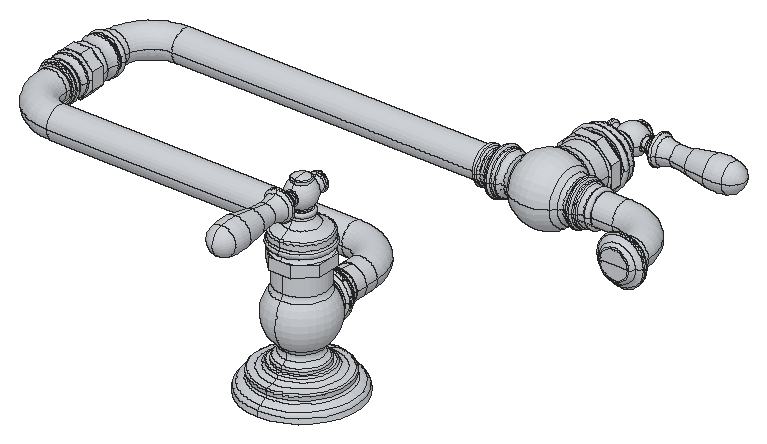
Revit family "Faucet-Wall_Mount-KOHLER-Artifacts-K-99270", category Plumbing Fixtures, host Face, Revit 2015
Parameters (values of type "CP- Polished Chrome")
  Width = 4 3/4"  # constant formula
  Waste Water Outlet = "Waste Water Outlet"  # constant formula
  Waste Connection = no
  Vent Connection = no
  URL = "https://www.us.kohler.com/us/"
  Type = 1
  Spout Reach = 22"  # constant formula
  Product Page URL = "http://www.us.kohler.com/us/catalog/productDetails.jsp?productNumber=99270"
  Product Name = "Artifacts"  # constant formula
  Product Documentation Link = "http://www.us.kohler.com/onlinecatalog/pdf/K-99270_spec.pdf"
  Pressure = 60.00 psi  # constant formula
  Model = if(Type = 1, "K-99270-CP", if(Type = 2, "K-99270-SN", if(Type = 3, "K-99270-VS", if(Type = 4, "K-99270-2BZ", "NA"))))  # "K-99270-CP"
  Material = "Brass Construction"  # constant formula
  MasterFormat 2004 = "22.41.39"  # constant formula
  MasterFormat 1995 = "15410"  # constant formula
  Manufacturer Address = "444 Highland Dr, Kohler, WI 53044"  # constant formula
  Manufacturer = "KOHLER Co."  # constant formula
  Length = 13 29/32"  # constant formula
  Hot Water Inlet = "Hot Water Inlet"  # constant formula
  Height = 12 13/32"  # constant formula
  HW Connection = no
  Flow Rate = 3.2 GPM  # constant formula
  Finish = Kohler-Metal-CP-Polished_Chrome
  Faucet Hole Spacing = 0"
  Environmental Product Declaration = ""
  Description = "Single-hole wall-mount pot filler kitchen sink faucet with 22 inch extended spout"  # constant formula
  Default Elevation = 36"
  Declare Label = ""
  Date Modified = "03/09/2018"  # constant formula
  Date Created = "03/09/2018"  # constant formula
  Copyright = "Copyright KOHLER Co."  # constant formula
  Contact Us = "https://www.us.kohler.com/us/static/contact.jsp"
  Cold Water Inlet = "Cold Water Inlet"  # constant formula
  CW Connection = yes
  Assembly Code = "D2020"
  ADA Compliant = no
Reference planes
  plane 1 "Center (Front/Back)": y = 0
  plane 2: z = 0
  plane 3 "Center (Left/Right)": x = 0
  plane 4: z = 120.65
  plane 5: x = -247.619
  plane 6: x = 105.6
  plane 7: y = -70.017
  plane 8: y = 245.102
Dimensions and locks
  "Width": level to plane 4
  "Length": plane 6 to plane 5
  "Height": plane 8 to plane 7
  aligned and locked: plane 2 to host face
  aligned and locked: level to host face
Automatic sketch dimensions
  host sketch curve to host sketch curve = 96"  (x2)
Nested families
  nested 1: "K-99270" at (0, 0, 0), type "K-99270"
Connectors
  piping at (0, -0.014, 0), diameter 12.7, driven by "Flow Rate", driven by "CW Connection", driven by "Cold Water Inlet", driven by "Pressure"
    settings: on nested 1, index 1, connector inside diameter 24", connector length 0", flow factor 0, pipe flow 3.2 GPM, pressure drop 60.00 psi, fitting loss kfactor 0, connector angle 0.00°, fixture units 0, engagement length 0", angle of deflection 0.00°, flow configuration 0, flow direction 1, fitting loss method 4, system type 20, joint type 0, gender type 0, connector reference index -1, connector utility 1, adjustable connector no, is connector primary yes, connector description "Cold Water Inlet"
Definition of nested family "K-99270"
  Parameters (values of type "K-99270")
    Material = none
  Reference planes
    plane 1 "Center (Front/Back)": y = 0
    plane 2: z = 0
    plane 3 "Center (Left/Right)": x = 0
  Forms (mm)
    Sweep 1, solid, material <- "Material"
      path origin (0.005, 0, 44.281) x (1, 0, 0) y (0, 1, 0)
        loop
          line (90.706, 140.848) -> (90.706, 144.975)
          arc (90.706, 144.975) -> (83.139, 162.857) -> (65.182, 170.242) r 25.526
          line (65.182, 170.242) -> (-209.582, 170.242)
          arc (-209.582, 170.242) -> (-226.516, 163.814) -> (-234.922, 147.77) r 25.524
          line (-234.922, 147.77) -> (-234.922, 97.725)
          arc (-234.922, 97.725) -> (-227.515, 79.698) -> (-209.516, 72.223) r 25.406
          line (-209.516, 72.223) -> (-25.365, 72.223)
          arc (-25.365, 72.223) -> (-7.462, 64.826) -> (0, 46.95) r 25.366
          line (0, 46.95) -> (0, 38.67)
      profile origin (90.71, 140.848, 44.281) x (-1, 0, 0) y (0, 0, 1)
        loop
          circle (0, 0) r 9.525
    Revolve 2, solid, material <- "Material"
      sketch origin (-0.001, 0, 44.053) x (1, 0, 0) y (0, 1, 0)
        loop
          line (-224.108, 141.667) -> (-226.352, 141.667) -> (-226.352, 100.773) -> (-224.121, 100.773)
          arc (-224.121, 100.773) -> (-223.763, 101.011) -> (-223.624, 101.418) r 0.667
          line (-223.624, 101.418) -> (-223.624, 102.956)
          arc (-223.624, 102.956) -> (-223.482, 103.398) -> (-223.11, 103.674) r 0.758
          arc (-223.11, 103.674) -> (-222.687, 104.159) -> (-222.794, 104.794) r 0.752
          arc (-222.794, 104.794) -> (-223.268, 105.587) -> (-223.624, 106.441) r 6.443
          arc (-223.624, 106.441) -> (-223.924, 109.144) -> (-223.081, 111.73) r 6.443
          arc (-223.081, 111.73) -> (-222.989, 112.172) -> (-223.181, 112.58) r 0.712
          arc (-223.181, 112.58) -> (-223.816, 113.033) -> (-224.574, 113.219) r 2.072
          line (-224.574, 113.219) -> (-225.389, 113.219) -> (-225.389, 114.028) -> (-224.493, 114.028)
          arc (-224.493, 114.028) -> (-223.348, 114.505) -> (-222.222, 115.024) r 34.225
          line (-222.222, 115.024) -> (-225.389, 115.024) -> (-225.389, 122.229) -> (-222.222, 122.229)
          arc (-222.222, 122.229) -> (-223.399, 122.717) -> (-224.607, 123.125) r 19.016
          arc (-224.607, 123.125) -> (-223.166, 125.196) -> (-223.289, 127.717) r 3.912
          arc (-223.289, 127.717) -> (-223.934, 131.739) -> (-222.817, 135.656) r 9.4
          arc (-222.817, 135.656) -> (-222.79, 136.307) -> (-223.289, 136.727) r 0.74
          arc (-223.289, 136.727) -> (-223.73, 136.909) -> (-223.912, 137.35) r 0.623
          line (-223.912, 137.35) -> (-223.912, 138.223)
          arc (-223.912, 138.223) -> (-223.748, 138.632) -> (-223.346, 138.814) r 0.591
          arc (-223.346, 138.814) -> (-222.632, 140.533) -> (-224.108, 141.667) r 1.528
        axis (-234.922, 141.667) -> (-234.922, 100.773)
      angle from 0 to 360
    Extrusion 3, solid, material <- "Material"
      sketch origin (0, 0, 0) x (1, 0, 0) y (0, 0, 1)
        loop
          line (-229.662, 56.693) -> (-240.183, 56.693) -> (-247.622, 49.253) -> (-247.622, 38.732) -> (-240.183, 31.293) -> (-229.662, 31.293) -> (-222.222, 38.732) -> (-222.222, 49.253) -> (-229.662, 56.693)
      from -122.229 to -115.024
    Revolve 4, solid, material <- "Material"
      sketch origin (0, 0, 44.053) x (1, 0, 0) y (0, 1, 0)
        loop
          line (-21.461, 161.669) -> (-21.461, 160.75)
          arc (-21.461, 160.75) -> (-20.799, 159.438) -> (-19.351, 159.191) r 1.63
          arc (-19.351, 159.191) -> (-18.874, 159.442) -> (-18.52, 159.848) r 1.465
          arc (-18.52, 159.848) -> (-18.006, 160.471) -> (-17.22, 160.65) r 1.25
          arc (-17.22, 160.65) -> (-15.954, 160.472) -> (-14.703, 160.209) r 18.786
          arc (-14.703, 160.209) -> (-12.692, 159.099) -> (-11.512, 157.129) r 4.412
          arc (-11.512, 157.129) -> (-11.14, 156.491) -> (-10.508, 156.111) r 1.485
          arc (-10.508, 156.111) -> (-10.016, 156.022) -> (-9.518, 156.042) r 2.269
          arc (-9.518, 156.042) -> (-8.926, 156.308) -> (-8.555, 156.84) r 1.214
          arc (-8.555, 156.84) -> (-8.268, 157.22) -> (-7.815, 157.364) r 0.784
          line (-7.815, 157.364) -> (-5.679, 157.364)
          arc (-5.679, 157.364) -> (-5.272, 157.47) -> (-4.968, 157.762) r 0.834
          arc (-4.968, 157.762) -> (-3.355, 159.17) -> (-1.215, 159.272) r 3.256
          arc (-1.215, 159.272) -> (1.129, 158.207) -> (3.091, 156.541) r 9.311
          arc (3.091, 156.541) -> (4.346, 155.252) -> (5.707, 154.076) r 20.723
          arc (5.707, 154.076) -> (18.573, 149.611) -> (31.432, 154.096) r 20.723
          arc (31.432, 154.096) -> (32.793, 155.276) -> (34.047, 156.569) r 20.723
          arc (34.047, 156.569) -> (35.209, 157.533) -> (36.606, 158.105) r 4.991
          arc (36.606, 158.105) -> (37.62, 158.082) -> (38.49, 157.559) r 1.976
          arc (38.49, 157.559) -> (39.003, 157.086) -> (39.566, 156.674) r 6.171
          arc (39.566, 156.674) -> (40.033, 156.491) -> (40.535, 156.506) r 1.251
          arc (40.535, 156.506) -> (40.963, 156.636) -> (41.372, 156.817) r 3.642
          arc (41.372, 156.817) -> (41.778, 157.155) -> (42.006, 157.631) r 1.236
          arc (42.006, 157.631) -> (42.288, 158.085) -> (42.786, 158.279) r 0.842
          line (42.786, 158.279) -> (44.217, 158.278)
          arc (44.217, 158.278) -> (44.615, 158.386) -> (44.904, 158.68) r 0.789
          arc (44.904, 158.68) -> (45.908, 159.851) -> (47.284, 160.551) r 3.966
          arc (47.284, 160.551) -> (48.172, 160.475) -> (48.79, 159.832) r 1.266
          arc (48.79, 159.832) -> (50.582, 159.188) -> (51.717, 160.717) r 1.597
          line (51.717, 160.717) -> (51.717, 161.669) -> (-21.461, 161.669)
        axis (-21.461, 170.242) -> (51.717, 170.242)
      angle from 0 to 360
    Revolve 5, solid, material <- "Material"
      sketch origin (0, 0.001, 44.45) x (1, 0, 0) y (0, 1, 0)
        loop
          line (101.084, 141.639) -> (90.71, 141.639) -> (90.71, 130.161) -> (99.287, 130.161)
          arc (99.287, 130.161) -> (99.696, 130.256) -> (100.05, 130.482) r 1.233
          arc (100.05, 130.482) -> (101.045, 131.533) -> (101.881, 132.715) r 10.126
          arc (101.881, 132.715) -> (103.235, 134.296) -> (105.027, 135.354) r 6.358
          arc (105.027, 135.354) -> (105.408, 135.512) -> (105.566, 135.894) r 0.539
          line (105.566, 135.894) -> (105.566, 137.031)
          arc (105.566, 137.031) -> (105.416, 137.394) -> (105.054, 137.546) r 0.515
          arc (105.054, 137.546) -> (102.93, 138.821) -> (101.815, 141.033) r 4.456
          arc (101.815, 141.033) -> (101.559, 141.468) -> (101.084, 141.639) r 0.743
        axis (90.71, 141.639) -> (90.71, 130.161)
      angle from 0 to 360
    Revolve 6, solid, material <- "Material"
      sketch origin (0, 0, 44.45) x (1, 0, 0) y (0, 1, 0)
        loop
          line (18.544, 181.006) -> (18.544, 228.227) -> (12.947, 228.227)
          arc (12.947, 228.227) -> (13.326, 227.882) -> (13.466, 227.39) r 0.935
          line (13.466, 227.39) -> (13.466, 226.465) -> (12.194, 226.465)
          arc (12.194, 226.465) -> (11.007, 225.641) -> (11.363, 224.24) r 1.268
          arc (11.363, 224.24) -> (11.805, 223.475) -> (11.683, 222.6) r 1.359
          arc (11.683, 222.6) -> (10.281, 220.443) -> (8.452, 218.633) r 12.031
          arc (8.452, 218.633) -> (5.493, 216.636) -> (2.254, 215.132) r 22.513
          arc (2.254, 215.132) -> (1.759, 214.927) -> (1.554, 214.432) r 0.7
          line (1.554, 214.432) -> (1.554, 210.926)
          arc (1.554, 210.926) -> (1.373, 210.19) -> (0.871, 209.621) r 1.589
          arc (0.871, 209.621) -> (0.343, 207.99) -> (1.73, 206.983) r 1.459
          line (1.73, 206.983) -> (3.378, 206.983) -> (3.378, 206.073)
          arc (3.378, 206.073) -> (2.994, 204.8) -> (1.97, 203.951) r 2.303
          line (1.97, 203.951) -> (3.52, 203.951) -> (3.52, 197.778) -> (1.869, 197.778)
          arc (1.869, 197.778) -> (2.639, 197.321) -> (3.52, 197.159) r 2.543
          line (3.52, 197.159) -> (3.52, 187.92)
          arc (3.52, 187.92) -> (3.134, 185.336) -> (2.01, 182.979) r 8.839
          line (2.01, 182.979) -> (2.01, 181.006) -> (18.544, 181.006)
        loop
          line (12.827, 241.883) -> (18.544, 241.883) -> (18.544, 245.059)
          arc (18.544, 245.059) -> (15.905, 244.739) -> (13.416, 243.8) r 11.107
          arc (13.416, 243.8) -> (13.092, 243.578) -> (12.827, 243.287) r 1.676
          line (12.827, 243.287) -> (12.827, 241.883)
        axis (18.544, 245.059) -> (18.544, 181.006)
      angle from 0 to 360
    Revolve 7, solid, material <- "Material"
      sketch origin (0, 0, 43.855) x (1, 0, 0) y (0, 1, 0)
        loop
          line (1.12, 235.071) -> (88.495, 235.071)
          arc (88.495, 235.071) -> (86.02, 240.597) -> (80.799, 243.662) r 9.941
          arc (80.799, 243.662) -> (75.426, 244.457) -> (69.994, 244.446) r 36.5
          arc (69.994, 244.446) -> (63.446, 243.652) -> (56.995, 242.284) r 74.669
          arc (56.995, 242.284) -> (51.845, 241.283) -> (46.611, 240.921) r 42.794
          arc (46.611, 240.921) -> (42.528, 241.333) -> (38.631, 242.617) r 18.92
          arc (38.631, 242.617) -> (37.539, 243.215) -> (36.549, 243.968) r 8.353
          arc (36.549, 243.968) -> (36.043, 244.202) -> (35.505, 244.06) r 0.823
          arc (35.505, 244.06) -> (34.1, 242.654) -> (33.29, 240.838) r 5.466
          line (33.29, 240.838) -> (31.787, 240.838)
          arc (31.787, 240.838) -> (31.381, 240.696) -> (31.154, 240.33) r 0.648
          arc (31.154, 240.33) -> (30.925, 239.77) -> (30.521, 239.318) r 1.786
          arc (30.521, 239.318) -> (30.036, 239.062) -> (29.491, 238.999) r 1.486
          line (29.491, 238.999) -> (27.2, 238.879)
          arc (27.2, 238.879) -> (26.731, 238.965) -> (26.385, 239.291) r 0.838
          arc (26.385, 239.291) -> (18.266, 243.808) -> (10.424, 238.827) r 9.084
          arc (10.424, 238.827) -> (10.207, 238.361) -> (9.736, 238.155) r 0.727
          arc (9.736, 238.155) -> (8.014, 238.525) -> (6.981, 239.953) r 2.459
          arc (6.981, 239.953) -> (6.701, 240.374) -> (6.221, 240.537) r 0.786
          line (6.221, 240.537) -> (4.877, 240.537)
          arc (4.877, 240.537) -> (4.388, 240.35) -> (4.148, 239.885) r 0.734
          arc (4.148, 239.885) -> (4.03, 239.46) -> (3.784, 239.094) r 1.386
          arc (3.784, 239.094) -> (2.652, 237.817) -> (1.587, 236.483) r 33.468
          arc (1.587, 236.483) -> (1.237, 235.816) -> (1.12, 235.071) r 2.3
        axis (1.12, 235.071) -> (88.495, 235.071)
      angle from 0 to 360
    Revolve 8, solid, material <- "Material"
      sketch origin (0, 0, 0) x (0, 1, 0) y (0, 0, 1)
        loop
          line (-16.821, 82.644) -> (-15.179, 82.644) -> (-15.179, 81.508)
          arc (-15.179, 81.508) -> (-15.572, 80.129) -> (-16.635, 79.165) r 2.614
          line (-16.635, 79.165) -> (-15.038, 79.165) -> (-15.038, 60.232)
          arc (-15.038, 60.232) -> (-15.355, 58.357) -> (-16.27, 56.69) r 5.708
          arc (-16.27, 56.69) -> (-20.641, 42.626) -> (-14.436, 29.27) r 20.464
          arc (-14.436, 29.27) -> (-13.198, 27.898) -> (-12.16, 26.369) r 13.427
          arc (-12.16, 26.369) -> (-11.647, 24.372) -> (-12.257, 22.402) r 3.784
          arc (-12.257, 22.402) -> (-13.343, 21.048) -> (-14.675, 19.935) r 8.727
          arc (-14.675, 19.935) -> (-15.224, 19.345) -> (-15.459, 18.574) r 1.797
          arc (-15.459, 18.574) -> (-15.484, 17.847) -> (-15.459, 17.12) r 10.387
          line (-15.459, 17.12) -> (-17.514, 17.12)
          arc (-17.514, 17.12) -> (-17.984, 16.962) -> (-18.264, 16.553) r 0.779
          arc (-18.264, 16.553) -> (-18.792, 15.654) -> (-19.536, 14.925) r 3.964
          arc (-19.536, 14.925) -> (-21.126, 13.972) -> (-22.878, 13.368) r 8.919
          arc (-22.878, 13.368) -> (-24.88, 12.934) -> (-26.893, 12.557) r 72.682
          arc (-26.893, 12.557) -> (-27.411, 12.25) -> (-27.595, 11.677) r 0.847
          line (-27.595, 11.677) -> (-27.146, 9.134)
          arc (-27.146, 9.134) -> (-27.314, 8.248) -> (-28.026, 7.695) r 1.274
          arc (-28.026, 7.695) -> (-30.236, 6.772) -> (-32.226, 5.442) r 12.38
          arc (-32.226, 5.442) -> (-33.249, 4.29) -> (-33.863, 2.878) r 4.885
          arc (-33.863, 2.878) -> (-34.156, 1.45) -> (-34.31, 0) r 14.973
          line (-34.31, 0) -> (-0.014, 0) -> (-0.014, 103.888) -> (-5.603, 103.888)
          arc (-5.603, 103.888) -> (-5.224, 103.544) -> (-5.084, 103.051) r 0.935
          line (-5.084, 103.051) -> (-5.084, 102.126) -> (-6.356, 102.126)
          arc (-6.356, 102.126) -> (-7.543, 101.302) -> (-7.187, 99.901) r 1.268
          arc (-7.187, 99.901) -> (-6.745, 99.136) -> (-6.867, 98.261) r 1.359
          arc (-6.867, 98.261) -> (-8.269, 96.104) -> (-10.098, 94.295) r 12.031
          arc (-10.098, 94.295) -> (-13.007, 92.326) -> (-16.186, 90.834) r 22.513
          arc (-16.186, 90.834) -> (-16.751, 90.675) -> (-16.996, 90.143) r 0.7
          line (-16.996, 90.143) -> (-16.996, 86.663)
          arc (-16.996, 86.663) -> (-17.089, 85.907) -> (-17.59, 85.332) r 1.302
          arc (-17.59, 85.332) -> (-18.218, 83.698) -> (-16.821, 82.644) r 1.454
        loop
          line (-5.723, 117.594) -> (-0.014, 117.594) -> (-0.014, 120.77)
          arc (-0.014, 120.77) -> (-2.65, 120.449) -> (-5.134, 119.511) r 11.107
          arc (-5.134, 119.511) -> (-5.459, 119.29) -> (-5.723, 118.998) r 1.676
          line (-5.723, 118.998) -> (-5.723, 117.594)
        axis (-0.014, 120.77) -> (-0.014, 0)
      angle from 0 to 360
    Revolve 9, solid, material <- "Material"
      sketch origin (0, 0, 0) x (0, 1, 0) y (0, 0, 1)
        loop
          line (17.391, 110.741) -> (-69.984, 110.741)
          arc (-69.984, 110.741) -> (-67.509, 105.216) -> (-62.288, 102.151) r 9.941
          arc (-62.288, 102.151) -> (-56.914, 101.355) -> (-51.482, 101.366) r 36.5
          arc (-51.482, 101.366) -> (-44.935, 102.16) -> (-38.483, 103.529) r 74.669
          arc (-38.483, 103.529) -> (-33.333, 104.529) -> (-28.099, 104.892) r 42.794
          arc (-28.099, 104.892) -> (-24.017, 104.479) -> (-20.119, 103.196) r 18.92
          arc (-20.119, 103.196) -> (-19.028, 102.598) -> (-18.038, 101.844) r 8.353
          arc (-18.038, 101.844) -> (-17.532, 101.611) -> (-16.993, 101.753) r 0.823
          arc (-16.993, 101.753) -> (-15.588, 103.159) -> (-14.779, 104.974) r 5.466
          line (-14.779, 104.974) -> (-13.275, 104.974)
          arc (-13.275, 104.974) -> (-12.849, 105.056) -> (-12.657, 105.444) r 0.488
          arc (-12.657, 105.444) -> (-12.512, 106.011) -> (-12.113, 106.438) r 1.18
          arc (-12.113, 106.438) -> (-11.649, 106.669) -> (-11.146, 106.794) r 2.399
          arc (-11.146, 106.794) -> (-10.453, 106.869) -> (-9.758, 106.906) r 12.499
          line (-9.758, 106.906) -> (-8.541, 106.936)
          arc (-8.541, 106.936) -> (-8.146, 106.827) -> (-7.873, 106.521) r 0.726
          arc (-7.873, 106.521) -> (0.245, 102.004) -> (8.088, 106.985) r 9.084
          arc (8.088, 106.985) -> (8.305, 107.452) -> (8.775, 107.658) r 0.727
          arc (8.775, 107.658) -> (10.444, 107.21) -> (11.531, 105.868) r 2.798
          arc (11.531, 105.868) -> (11.786, 105.412) -> (12.29, 105.275) r 0.673
          line (12.29, 105.275) -> (13.634, 105.275)
          arc (13.634, 105.275) -> (14.111, 105.426) -> (14.344, 105.869) r 0.657
          arc (14.344, 105.869) -> (14.464, 106.298) -> (14.725, 106.659) r 1.263
          arc (14.725, 106.659) -> (15.513, 107.706) -> (16.418, 108.655) r 11.226
          arc (16.418, 108.655) -> (17.107, 109.603) -> (17.391, 110.741) r 3.072
        axis (-69.984, 110.741) -> (17.391, 110.741)
      angle from 0 to 360
    Extrusion 10, solid, material <- "Material"
      sketch origin (0, 0, 0) x (1, 0, 0) y (0, 1, 0)
        loop
          line (7.095, 17.047) -> (-7.039, 17.047) -> (-17.034, 7.053) -> (-17.034, -7.082) -> (-7.039, -17.076) -> (7.095, -17.076) -> (17.089, -7.082) -> (17.089, 7.053) -> (7.095, 17.047)
      from 72.362 to 79.165
    Revolve 11, solid, material <- "Material"
      sketch origin (0, -0.198, 44.132) x (1, 0, 0) y (0, 1, 0)
        loop
          line (0.028, 38.894) -> (-9.497, 38.894) -> (-9.497, 31.756) -> (-8.7, 31.756)
          arc (-8.7, 31.756) -> (-9.224, 31.492) -> (-9.412, 30.937) r 0.774
          arc (-9.412, 30.937) -> (-9.461, 29.54) -> (-9.777, 28.179) r 7.251
          arc (-9.777, 28.179) -> (-10.1, 27.529) -> (-10.588, 26.993) r 2.64
          arc (-10.588, 26.993) -> (-11.252, 26.467) -> (-11.94, 25.974) r 17.206
          arc (-11.94, 25.974) -> (-12.247, 25.666) -> (-12.418, 25.266) r 1.149
          line (-12.418, 25.266) -> (-12.418, 24.106)
          arc (-12.418, 24.106) -> (-12.561, 23.665) -> (-12.935, 23.392) r 0.751
          arc (-12.935, 23.392) -> (-13.983, 22.196) -> (-13.435, 20.704) r 1.557
          arc (-13.435, 20.704) -> (-12.639, 19.817) -> (-12.156, 18.727) r 3.814
          arc (-12.156, 18.727) -> (-12.302, 17.049) -> (-13.488, 15.852) r 2.476
          line (-13.488, 15.852) -> (-15.849, 13.491) -> (-15.849, 12.344) -> (0.028, 12.344) -> (0.028, 38.894)
        axis (0.028, 12.344) -> (0.028, 38.894)
      angle from 0 to 360
    Extrusion 12, solid, material <- "Material"
      sketch origin (0, 0, 0) x (1, 0, 0) y (0, 0, 1)
        loop
          line (25.599, 61.068) -> (11.465, 61.068) -> (1.47, 51.074) -> (1.47, 36.939) -> (11.465, 26.945) -> (25.599, 26.945) -> (35.593, 36.939) -> (35.593, 51.074) -> (25.599, 61.068)
      from -203.951 to -197.778
    Revolve 13, solid, material <- "Material"
      sketch origin (0, -0.198, 44.132) x (-1, 0, 0) y (0, -1, 0)
        loop
          line (0.028, -38.894) -> (0.028, -12.344) -> (-15.849, -12.344) -> (-15.849, -13.491) -> (-13.488, -15.852)
          arc (-13.488, -15.852) -> (-12.302, -17.049) -> (-12.156, -18.727) r 2.476
          arc (-12.156, -18.727) -> (-12.639, -19.817) -> (-13.435, -20.704) r 3.814
          arc (-13.435, -20.704) -> (-13.983, -22.196) -> (-12.935, -23.392) r 1.557
          arc (-12.935, -23.392) -> (-12.561, -23.665) -> (-12.418, -24.106) r 0.751
          line (-12.418, -24.106) -> (-12.418, -25.266)
          arc (-12.418, -25.266) -> (-12.247, -25.666) -> (-11.94, -25.974) r 1.149
          arc (-11.94, -25.974) -> (-11.252, -26.467) -> (-10.588, -26.993) r 17.206
          arc (-10.588, -26.993) -> (-10.1, -27.529) -> (-9.777, -28.179) r 2.64
          arc (-9.777, -28.179) -> (-9.461, -29.54) -> (-9.412, -30.937) r 7.251
          arc (-9.412, -30.937) -> (-9.224, -31.492) -> (-8.7, -31.756) r 0.774
          line (-8.7, -31.756) -> (-9.497, -31.756) -> (-9.497, -38.894) -> (0.028, -38.894)
        axis (0.028, -12.344) -> (0.028, -38.894)
      angle from 0 to 360
  Cuts and joins
    joined: Sweep 1, Extrusion 3, Revolve 5, Revolve 7, Revolve 8, Extrusion 12
    joined: Revolve 2, Revolve 6, Revolve 9
  Lines and regions (mm)
    Masking region 1
      outline origin (0, 0, 0) x (1, 0, 0) y (0, 1, 0)
        loop
          arc (24.141, 228.227) -> (23.762, 227.87) -> (23.622, 227.368) r 0.971
          line (23.622, 227.368) -> (23.622, 226.465) -> (24.894, 226.465)
          arc (24.894, 226.465) -> (26.099, 225.615) -> (25.702, 224.195) r 1.279
          arc (25.702, 224.195) -> (25.24, 223.283) -> (25.607, 222.328) r 1.259
          arc (25.607, 222.328) -> (26.425, 220.955) -> (27.462, 219.739) r 9.483
          arc (27.462, 219.739) -> (30.891, 217.024) -> (34.835, 215.132) r 19.728
          arc (34.835, 215.132) -> (35.388, 214.869) -> (35.534, 214.275) r 0.714
          line (35.534, 214.275) -> (35.534, 210.94)
          arc (35.534, 210.94) -> (35.715, 210.197) -> (36.218, 209.621) r 1.614
          arc (36.218, 209.621) -> (36.746, 207.99) -> (35.359, 206.983) r 1.459
          line (35.359, 206.983) -> (33.718, 206.983) -> (33.718, 205.887)
          arc (33.718, 205.887) -> (33.791, 205.399) -> (34.003, 204.953) r 1.671
          arc (34.003, 204.953) -> (34.708, 204.214) -> (35.618, 203.751) r 3.038
          line (35.618, 203.751) -> (35.618, 197.778) -> (34.858, 197.516)
          arc (34.858, 197.516) -> (34.238, 197.25) -> (33.569, 197.159) r 2.506
          line (33.569, 197.159) -> (33.569, 187.8)
          arc (33.569, 187.8) -> (33.955, 185.274) -> (35.079, 182.979) r 8.452
          arc (35.079, 182.979) -> (35.896, 182.625) -> (36.744, 182.356) r 8.82
          arc (36.744, 182.356) -> (37.521, 182.342) -> (38.218, 182.687) r 1.642
          arc (38.218, 182.687) -> (38.777, 183.209) -> (39.387, 183.671) r 7.508
          arc (39.387, 183.671) -> (39.861, 183.929) -> (40.399, 183.98) r 1.343
          arc (40.399, 183.98) -> (40.96, 183.854) -> (41.479, 183.606) r 2.557
          arc (41.479, 183.606) -> (41.803, 183.303) -> (41.99, 182.9) r 1.16
          arc (41.99, 182.9) -> (42.258, 182.404) -> (42.786, 182.206) r 0.803
          line (42.786, 182.206) -> (44.206, 182.206)
          arc (44.206, 182.206) -> (44.605, 182.097) -> (44.894, 181.799) r 0.786
          arc (44.894, 181.799) -> (45.931, 180.598) -> (47.366, 179.921) r 3.828
          arc (47.366, 179.921) -> (48.213, 180.024) -> (48.79, 180.652) r 1.233
          arc (48.79, 180.652) -> (50.589, 181.316) -> (51.719, 179.767) r 1.59
          line (51.719, 179.767) -> (65.076, 179.767)
          arc (65.076, 179.767) -> (89.774, 169.632) -> (100.235, 145.071) r 35.162
          line (100.235, 145.071) -> (100.235, 141.64) -> (101.084, 141.64)
          arc (101.084, 141.64) -> (101.608, 141.423) -> (101.825, 140.9) r 0.74
          arc (101.825, 140.9) -> (102.978, 138.778) -> (105.054, 137.547) r 4.547
          arc (105.054, 137.547) -> (105.422, 137.388) -> (105.574, 137.017) r 0.53
          line (105.574, 137.017) -> (105.574, 135.871)
          arc (105.574, 135.871) -> (105.403, 135.504) -> (105.027, 135.355) r 0.548
          arc (105.027, 135.355) -> (103.362, 134.384) -> (102.066, 132.958) r 6.343
          arc (102.066, 132.958) -> (101.225, 131.798) -> (100.288, 130.713) r 16.861
          arc (100.288, 130.713) -> (99.858, 130.309) -> (99.287, 130.162) r 1.183
          line (99.287, 130.162) -> (82.134, 130.162)
          arc (82.134, 130.162) -> (81.562, 130.309) -> (81.133, 130.713) r 1.183
          arc (81.133, 130.713) -> (80.196, 131.798) -> (79.354, 132.958) r 16.861
          arc (79.354, 132.958) -> (78.058, 134.384) -> (76.394, 135.355) r 6.343
          arc (76.394, 135.355) -> (76.018, 135.504) -> (75.847, 135.871) r 0.548
          line (75.847, 135.871) -> (75.847, 137.017)
          arc (75.847, 137.017) -> (75.998, 137.388) -> (76.367, 137.547) r 0.53
          arc (76.367, 137.547) -> (78.443, 138.778) -> (79.596, 140.9) r 4.547
          arc (79.596, 140.9) -> (79.813, 141.423) -> (80.336, 141.64) r 0.74
          line (80.336, 141.64) -> (81.186, 141.64) -> (81.186, 144.878)
          arc (81.186, 144.878) -> (76.372, 156.094) -> (65.076, 160.717) r 16.112
          line (65.076, 160.717) -> (51.719, 160.717)
          arc (51.719, 160.717) -> (50.589, 159.168) -> (48.79, 159.832) r 1.59
          arc (48.79, 159.832) -> (48.213, 160.459) -> (47.366, 160.562) r 1.233
          arc (47.366, 160.562) -> (45.931, 159.885) -> (44.894, 158.685) r 3.828
          arc (44.894, 158.685) -> (44.605, 158.387) -> (44.206, 158.278) r 0.786
          line (44.206, 158.278) -> (42.786, 158.278)
          arc (42.786, 158.278) -> (42.258, 158.08) -> (41.99, 157.584) r 0.803
          arc (41.99, 157.584) -> (41.803, 157.181) -> (41.479, 156.878) r 1.16
          arc (41.479, 156.878) -> (40.96, 156.63) -> (40.399, 156.504) r 2.557
          arc (40.399, 156.504) -> (39.861, 156.554) -> (39.387, 156.813) r 1.343
          arc (39.387, 156.813) -> (38.777, 157.275) -> (38.218, 157.796) r 7.508
          arc (38.218, 157.796) -> (37.521, 158.142) -> (36.744, 158.128) r 1.642
          arc (36.744, 158.128) -> (35.896, 157.859) -> (35.079, 157.505) r 8.82
          arc (35.079, 157.505) -> (18.544, 149.657) -> (2.01, 157.505) r 21.342
          arc (2.01, 157.505) -> (0.127, 158.749) -> (-2.022, 159.435) r 8.226
          arc (-2.022, 159.435) -> (-2.817, 159.293) -> (-3.589, 159.056) r 6.603
          arc (-3.589, 159.056) -> (-4.022, 158.829) -> (-4.388, 158.505) r 2.014
          arc (-4.388, 158.505) -> (-4.69, 158.142) -> (-4.968, 157.762) r 7.665
          arc (-4.968, 157.762) -> (-5.296, 157.469) -> (-5.723, 157.364) r 0.916
          line (-5.723, 157.364) -> (-7.798, 157.364)
          arc (-7.798, 157.364) -> (-8.179, 157.266) -> (-8.465, 156.995) r 0.787
          arc (-8.465, 156.995) -> (-9.967, 155.958) -> (-11.469, 156.995) r 1.606
          arc (-11.469, 156.995) -> (-11.911, 157.976) -> (-12.467, 158.896) r 8.882
          arc (-12.467, 158.896) -> (-12.961, 159.408) -> (-13.593, 159.736) r 2.196
          arc (-13.593, 159.736) -> (-14.611, 160.184) -> (-15.697, 160.423) r 5.626
          arc (-15.697, 160.423) -> (-16.393, 160.519) -> (-17.084, 160.644) r 17.228
          arc (-17.084, 160.644) -> (-17.948, 160.51) -> (-18.52, 159.848) r 1.266
          arc (-18.52, 159.848) -> (-20.325, 159.18) -> (-21.477, 160.722) r 1.608
          line (-21.477, 160.722) -> (-209.718, 160.722)
          arc (-209.718, 160.722) -> (-220.093, 156.848) -> (-225.393, 147.123) r 15.834
          line (-225.393, 147.123) -> (-225.393, 141.667) -> (-224.094, 141.667)
          arc (-224.094, 141.667) -> (-222.619, 140.529) -> (-223.346, 138.814) r 1.524
          arc (-223.346, 138.814) -> (-223.748, 138.611) -> (-223.91, 138.191) r 0.626
          line (-223.91, 138.191) -> (-223.91, 137.368)
          arc (-223.91, 137.368) -> (-223.73, 136.922) -> (-223.29, 136.727) r 0.641
          arc (-223.29, 136.727) -> (-222.749, 136.447) -> (-222.738, 135.838) r 0.595
          arc (-222.738, 135.838) -> (-223.959, 131.729) -> (-223.223, 127.505) r 9.378
          arc (-223.223, 127.505) -> (-222.984, 126.471) -> (-223.114, 125.419) r 3.039
          arc (-223.114, 125.419) -> (-223.322, 124.822) -> (-223.574, 124.243) r 8.543
          arc (-223.574, 124.243) -> (-224.006, 123.606) -> (-224.607, 123.125) r 2.581
          line (-224.607, 123.125) -> (-222.222, 122.229) -> (-222.222, 115.024) -> (-224.494, 114.028) -> (-225.389, 114.028) -> (-225.389, 113.219) -> (-224.575, 113.219)
          arc (-224.575, 113.219) -> (-223.823, 113.061) -> (-223.198, 112.615) r 1.871
          arc (-223.198, 112.615) -> (-222.998, 112.195) -> (-223.07, 111.735) r 0.787
          arc (-223.07, 111.735) -> (-223.482, 110.792) -> (-223.808, 109.818) r 11.574
          arc (-223.808, 109.818) -> (-223.995, 108.541) -> (-223.84, 107.26) r 4.864
          arc (-223.84, 107.26) -> (-223.384, 105.93) -> (-222.73, 104.685) r 9.171
          arc (-222.73, 104.685) -> (-222.67, 104.085) -> (-223.11, 103.674) r 0.679
          arc (-223.11, 103.674) -> (-223.496, 103.392) -> (-223.618, 102.931) r 0.716
          line (-223.618, 102.931) -> (-223.618, 101.466)
          arc (-223.618, 101.466) -> (-223.757, 101.037) -> (-224.122, 100.773) r 0.728
          line (-224.122, 100.773) -> (-225.381, 100.773) -> (-225.381, 97.689)
          arc (-225.381, 97.689) -> (-220.775, 86.481) -> (-209.619, 81.75) r 15.939
          line (-209.619, 81.75) -> (-25.469, 81.75)
          arc (-25.469, 81.75) -> (-0.804, 71.582) -> (9.529, 46.985) r 34.999
          line (9.529, 46.985) -> (9.529, 32.93)
          arc (9.529, 32.93) -> (34.256, -1.667) -> (6.313, -33.724) r 34.295
          arc (6.313, -33.724) -> (6.822, -37.271) -> (7.631, -40.761) r 41.936
          arc (7.631, -40.761) -> (8.897, -46.654) -> (9.46, -52.654) r 51.084
          arc (9.46, -52.654) -> (9.319, -57.657) -> (8.556, -62.603) r 40.032
          arc (8.556, -62.603) -> (5.508, -67.726) -> (0, -70.005) r 9.449
          arc (0, -70.005) -> (-5.508, -67.726) -> (-8.556, -62.603) r 9.449
          arc (-8.556, -62.603) -> (-9.319, -57.657) -> (-9.46, -52.654) r 40.032
          arc (-9.46, -52.654) -> (-8.897, -46.654) -> (-7.631, -40.761) r 51.084
          arc (-7.631, -40.761) -> (-6.822, -37.271) -> (-6.313, -33.724) r 41.936
          arc (-6.313, -33.724) -> (-34.256, -1.663) -> (-9.52, 32.933) r 34.295
          line (-9.52, 32.933) -> (-9.52, 46.915)
          arc (-9.52, 46.915) -> (-14.25, 58.085) -> (-25.469, 62.697) r 15.95
          line (-25.469, 62.697) -> (-211.015, 62.697)
          arc (-211.015, 62.697) -> (-234.757, 73.485) -> (-244.465, 97.689) r 35.027
          line (-244.465, 97.689) -> (-244.465, 100.773) -> (-245.724, 100.773)
          arc (-245.724, 100.773) -> (-246.088, 101.037) -> (-246.227, 101.466) r 0.728
          line (-246.227, 101.466) -> (-246.227, 102.931)
          arc (-246.227, 102.931) -> (-246.35, 103.392) -> (-246.736, 103.674) r 0.716
          arc (-246.736, 103.674) -> (-247.176, 104.085) -> (-247.116, 104.685) r 0.679
          arc (-247.116, 104.685) -> (-246.461, 105.93) -> (-246.005, 107.26) r 9.171
          arc (-246.005, 107.26) -> (-245.85, 108.541) -> (-246.038, 109.818) r 4.864
          arc (-246.038, 109.818) -> (-246.364, 110.792) -> (-246.775, 111.735) r 11.574
          arc (-246.775, 111.735) -> (-246.848, 112.195) -> (-246.648, 112.615) r 0.787
          arc (-246.648, 112.615) -> (-246.023, 113.061) -> (-245.271, 113.219) r 1.871
          line (-245.271, 113.219) -> (-244.457, 113.219) -> (-244.457, 114.028) -> (-245.352, 114.028) -> (-247.624, 115.024) -> (-247.624, 122.229) -> (-245.238, 123.125)
          arc (-245.238, 123.125) -> (-245.84, 123.606) -> (-246.272, 124.243) r 2.581
          arc (-246.272, 124.243) -> (-246.523, 124.822) -> (-246.731, 125.419) r 8.543
          arc (-246.731, 125.419) -> (-246.862, 126.471) -> (-246.622, 127.505) r 3.039
          arc (-246.622, 127.505) -> (-245.887, 131.729) -> (-247.108, 135.838) r 9.378
          arc (-247.108, 135.838) -> (-247.097, 136.447) -> (-246.556, 136.727) r 0.595
          arc (-246.556, 136.727) -> (-246.116, 136.922) -> (-245.935, 137.368) r 0.641
          line (-245.935, 137.368) -> (-245.935, 138.191)
          arc (-245.935, 138.191) -> (-246.097, 138.611) -> (-246.499, 138.814) r 0.626
          arc (-246.499, 138.814) -> (-247.226, 140.529) -> (-245.752, 141.667) r 1.524
          line (-245.752, 141.667) -> (-244.443, 141.667) -> (-244.443, 148.323)
          arc (-244.443, 148.323) -> (-233.454, 170.713) -> (-210.214, 179.767) r 34.352
          line (-210.214, 179.767) -> (-21.477, 179.767)
          arc (-21.477, 179.767) -> (-20.322, 181.304) -> (-18.52, 180.635) r 1.608
          arc (-18.52, 180.635) -> (-17.948, 179.973) -> (-17.084, 179.839) r 1.266
          arc (-17.084, 179.839) -> (-16.393, 179.964) -> (-15.697, 180.061) r 17.228
          arc (-15.697, 180.061) -> (-14.611, 180.3) -> (-13.593, 180.748) r 5.626
          arc (-13.593, 180.748) -> (-12.961, 181.075) -> (-12.467, 181.588) r 2.196
          arc (-12.467, 181.588) -> (-11.911, 182.508) -> (-11.469, 183.489) r 8.882
          arc (-11.469, 183.489) -> (-9.967, 184.526) -> (-8.465, 183.489) r 1.606
          arc (-8.465, 183.489) -> (-8.179, 183.218) -> (-7.798, 183.12) r 0.787
          line (-7.798, 183.12) -> (-5.723, 183.12)
          arc (-5.723, 183.12) -> (-5.296, 183.014) -> (-4.968, 182.722) r 0.916
          arc (-4.968, 182.722) -> (-4.69, 182.341) -> (-4.388, 181.979) r 7.665
          arc (-4.388, 181.979) -> (-4.022, 181.654) -> (-3.589, 181.428) r 2.014
          arc (-3.589, 181.428) -> (-2.817, 181.19) -> (-2.022, 181.048) r 6.603
          arc (-2.022, 181.048) -> (0.127, 181.734) -> (2.01, 182.979) r 8.226
          arc (2.01, 182.979) -> (3.134, 185.274) -> (3.52, 187.8) r 8.452
          line (3.52, 187.8) -> (3.52, 197.159)
          arc (3.52, 197.159) -> (2.851, 197.25) -> (2.231, 197.516) r 2.506
          line (2.231, 197.516) -> (1.47, 197.778) -> (1.47, 203.751)
          arc (1.47, 203.751) -> (2.38, 204.214) -> (3.085, 204.953) r 3.038
          arc (3.085, 204.953) -> (3.298, 205.399) -> (3.371, 205.887) r 1.671
          line (3.371, 205.887) -> (3.371, 206.983) -> (1.73, 206.983)
          arc (1.73, 206.983) -> (0.343, 207.99) -> (0.871, 209.621) r 1.459
          arc (0.871, 209.621) -> (1.374, 210.197) -> (1.555, 210.94) r 1.614
          line (1.555, 210.94) -> (1.555, 214.275)
          arc (1.555, 214.275) -> (1.701, 214.869) -> (2.254, 215.132) r 0.714
          arc (2.254, 215.132) -> (6.198, 217.024) -> (9.627, 219.739) r 19.728
          arc (9.627, 219.739) -> (10.664, 220.955) -> (11.481, 222.328) r 9.483
          arc (11.481, 222.328) -> (11.849, 223.283) -> (11.387, 224.195) r 1.259
          arc (11.387, 224.195) -> (10.99, 225.615) -> (12.194, 226.465) r 1.279
          line (12.194, 226.465) -> (13.466, 226.465) -> (13.466, 227.368)
          arc (13.466, 227.368) -> (13.327, 227.87) -> (12.947, 228.227) r 0.971
          arc (12.947, 228.227) -> (11.521, 229.636) -> (10.424, 231.315) r 9.445
          arc (10.424, 231.315) -> (10.187, 231.761) -> (9.736, 231.988) r 0.83
          arc (9.736, 231.988) -> (8.347, 231.8) -> (7.288, 230.881) r 2.449
          arc (7.288, 230.881) -> (7.06, 230.455) -> (6.898, 229.999) r 3.225
          arc (6.898, 229.999) -> (6.599, 229.712) -> (6.198, 229.608) r 0.823
          line (6.198, 229.608) -> (4.866, 229.608)
          arc (4.866, 229.608) -> (4.385, 229.788) -> (4.14, 230.24) r 0.734
          arc (4.14, 230.24) -> (3.976, 230.766) -> (3.653, 231.212) r 1.705
          arc (3.653, 231.212) -> (2.632, 232.319) -> (1.708, 233.509) r 17.656
          arc (1.708, 233.509) -> (1.312, 234.252) -> (1.117, 235.071) r 3.302
          arc (1.117, 235.071) -> (1.312, 235.89) -> (1.708, 236.634) r 3.302
          arc (1.708, 236.634) -> (2.632, 237.823) -> (3.653, 238.93) r 17.656
          arc (3.653, 238.93) -> (3.976, 239.376) -> (4.14, 239.902) r 1.705
          arc (4.14, 239.902) -> (4.385, 240.354) -> (4.866, 240.534) r 0.734
          line (4.866, 240.534) -> (6.198, 240.534)
          arc (6.198, 240.534) -> (6.599, 240.43) -> (6.898, 240.143) r 0.823
          arc (6.898, 240.143) -> (7.06, 239.687) -> (7.288, 239.261) r 3.225
          arc (7.288, 239.261) -> (8.347, 238.342) -> (9.736, 238.155) r 2.449
          arc (9.736, 238.155) -> (10.187, 238.381) -> (10.424, 238.827) r 0.83
          arc (10.424, 238.827) -> (11.472, 240.446) -> (12.827, 241.818) r 9.445
          line (12.827, 241.818) -> (12.827, 243.287)
          arc (12.827, 243.287) -> (13.688, 243.894) -> (14.636, 244.352) r 6.471
          arc (14.636, 244.352) -> (18.487, 245.072) -> (22.338, 244.352) r 10.67
          arc (22.338, 244.352) -> (23.336, 243.886) -> (24.262, 243.287) r 8.083
          line (24.262, 243.287) -> (24.262, 241.772)
          arc (24.262, 241.772) -> (25.392, 240.685) -> (26.318, 239.419) r 9.068
          arc (26.318, 239.419) -> (26.675, 239.012) -> (27.2, 238.879) r 0.914
          line (27.2, 238.879) -> (29.491, 238.999)
          arc (29.491, 238.999) -> (29.938, 239.064) -> (30.366, 239.207) r 2.499
          arc (30.366, 239.207) -> (30.894, 239.63) -> (31.142, 240.26) r 1.313
          arc (31.142, 240.26) -> (31.312, 240.669) -> (31.721, 240.838) r 0.579
          line (31.721, 240.838) -> (33.29, 240.838)
          arc (33.29, 240.838) -> (34.194, 242.795) -> (35.825, 244.202) r 5.09
          arc (35.825, 244.202) -> (36.21, 244.157) -> (36.549, 243.968) r 0.99
          arc (36.549, 243.968) -> (40.339, 241.752) -> (44.662, 240.989) r 12.44
          arc (44.662, 240.989) -> (48.393, 241.09) -> (52.115, 241.372) r 77.138
          arc (52.115, 241.372) -> (55.662, 241.88) -> (59.152, 242.69) r 41.936
          arc (59.152, 242.69) -> (65.045, 243.955) -> (71.045, 244.518) r 51.084
          arc (71.045, 244.518) -> (76.048, 244.378) -> (80.994, 243.615) r 40.032
          arc (80.994, 243.615) -> (86.117, 240.567) -> (88.396, 235.059) r 9.449
          arc (88.396, 235.059) -> (86.117, 229.55) -> (80.994, 226.503) r 9.449
          arc (80.994, 226.503) -> (76.048, 225.739) -> (71.045, 225.599) r 40.032
          arc (71.045, 225.599) -> (65.045, 226.162) -> (59.152, 227.428) r 51.084
          arc (59.152, 227.428) -> (55.662, 228.237) -> (52.115, 228.746) r 41.936
          arc (52.115, 228.746) -> (48.696, 229.022) -> (45.269, 229.168) r 90.274
          arc (45.269, 229.168) -> (40.641, 228.452) -> (36.549, 226.174) r 13.282
          arc (36.549, 226.174) -> (36.142, 225.978) -> (35.69, 225.99) r 0.961
          arc (35.69, 225.99) -> (34.175, 227.419) -> (33.29, 229.304) r 5.572
          line (33.29, 229.304) -> (31.721, 229.304)
          arc (31.721, 229.304) -> (31.312, 229.473) -> (31.142, 229.883) r 0.579
          arc (31.142, 229.883) -> (30.894, 230.512) -> (30.366, 230.935) r 1.313
          arc (30.366, 230.935) -> (29.938, 231.078) -> (29.491, 231.143) r 2.499
          line (29.491, 231.143) -> (27.2, 231.263)
          arc (27.2, 231.263) -> (26.675, 231.13) -> (26.318, 230.723) r 0.914
          arc (26.318, 230.723) -> (25.315, 229.371) -> (24.08, 228.227) r 9.068
    Masking region 2
      outline origin (0, 0, 0) x (1, 0, 0) y (0, 0, 1)
        loop
          arc (-5.709, 118.338) -> (-9.451, 109.751) -> (-4.01, 102.126) r 9.502
          line (-4.01, 102.126) -> (-6.341, 102.126)
          arc (-6.341, 102.126) -> (-7.451, 101.465) -> (-7.397, 100.175) r 1.261
          arc (-7.397, 100.175) -> (-7.135, 99.816) -> (-6.839, 99.485) r 4.429
          arc (-6.839, 99.485) -> (-6.725, 98.781) -> (-6.936, 98.1) r 1.565
          arc (-6.936, 98.1) -> (-9.329, 95.015) -> (-12.437, 92.652) r 15.011
          arc (-12.437, 92.652) -> (-14.274, 91.681) -> (-16.172, 90.834) r 31.201
          arc (-16.172, 90.834) -> (-16.74, 90.638) -> (-16.981, 90.088) r 0.748
          line (-16.981, 90.088) -> (-16.981, 86.663)
          arc (-16.981, 86.663) -> (-17.023, 86.206) -> (-17.147, 85.765) r 2.504
          arc (-17.147, 85.765) -> (-17.377, 85.421) -> (-17.734, 85.211) r 0.933
          arc (-17.734, 85.211) -> (-18.145, 84.578) -> (-18.222, 83.827) r 1.605
          arc (-18.222, 83.827) -> (-17.766, 82.982) -> (-16.867, 82.644) r 1.368
          line (-16.867, 82.644) -> (-15.13, 82.644) -> (-15.13, 81.335)
          arc (-15.13, 81.335) -> (-15.669, 79.832) -> (-17.04, 79.014) r 2.365
          line (-17.04, 79.014) -> (-17.04, 72.362) -> (-15.05, 72.362) -> (-15.05, 59.946)
          arc (-15.05, 59.946) -> (-15.403, 58.041) -> (-16.416, 56.389) r 5.315
          arc (-16.416, 56.389) -> (-17.348, 55.165) -> (-18.069, 53.806) r 9.402
          arc (-18.069, 53.806) -> (-18.515, 54.53) -> (-19.204, 55.028) r 2.173
          arc (-19.204, 55.028) -> (-20.614, 54.973) -> (-21.408, 53.806) r 1.566
          line (-21.408, 53.806) -> (-226.775, 53.806) -> (-229.662, 56.693) -> (-240.183, 56.693) -> (-247.622, 49.253) -> (-247.622, 38.732) -> (-240.183, 31.293) -> (-229.662, 31.293) -> (-226.198, 34.756) -> (-21.461, 34.756)
          arc (-21.461, 34.756) -> (-20.898, 33.341) -> (-19.418, 32.98) r 1.66
          arc (-19.418, 32.98) -> (-18.499, 33.697) -> (-18.431, 34.861) r 1.414
          arc (-18.431, 34.861) -> (-17.229, 32.584) -> (-15.631, 30.572) r 12.649
          arc (-15.631, 30.572) -> (-14.035, 28.853) -> (-12.527, 27.056) r 47.023
          arc (-12.527, 27.056) -> (-11.875, 25.886) -> (-11.638, 24.568) r 4.074
          arc (-11.638, 24.568) -> (-11.908, 23.056) -> (-12.719, 21.751) r 4.074
          arc (-12.719, 21.751) -> (-13.1, 21.233) -> (-13.581, 20.805) r 3.076
          arc (-13.581, 20.805) -> (-14.261, 20.286) -> (-14.911, 19.728) r 14.7
          arc (-14.911, 19.728) -> (-15.314, 19.167) -> (-15.457, 18.49) r 1.674
          line (-15.457, 18.49) -> (-15.457, 17.12) -> (-17.5, 17.12)
          arc (-17.5, 17.12) -> (-17.97, 16.962) -> (-18.25, 16.553) r 0.779
          arc (-18.25, 16.553) -> (-18.503, 15.983) -> (-18.907, 15.508) r 2.189
          arc (-18.907, 15.508) -> (-20.093, 14.588) -> (-21.385, 13.827) r 11.792
          arc (-21.385, 13.827) -> (-24.109, 13.074) -> (-26.886, 12.557) r 33
          arc (-26.886, 12.557) -> (-27.409, 12.256) -> (-27.58, 11.677) r 0.812
          arc (-27.58, 11.677) -> (-27.489, 10.998) -> (-27.343, 10.329) r 8.505
          arc (-27.343, 10.329) -> (-27.196, 9.622) -> (-27.12, 8.904) r 7.258
          arc (-27.12, 8.904) -> (-27.375, 8.1) -> (-28.099, 7.666) r 1.191
          arc (-28.099, 7.666) -> (-30.772, 6.451) -> (-33.035, 4.581) r 11.143
          arc (-33.035, 4.581) -> (-33.992, 2.381) -> (-34.295, 0) r 8.486
          line (-34.295, 0) -> (0, 0) -> (34.295, 0)
          arc (34.295, 0) -> (33.992, 2.381) -> (33.035, 4.581) r 8.486
          arc (33.035, 4.581) -> (30.772, 6.451) -> (28.099, 7.666) r 11.143
          arc (28.099, 7.666) -> (27.375, 8.1) -> (27.12, 8.904) r 1.191
          arc (27.12, 8.904) -> (27.196, 9.622) -> (27.343, 10.329) r 7.258
          arc (27.343, 10.329) -> (27.489, 10.998) -> (27.58, 11.677) r 8.505
          arc (27.58, 11.677) -> (27.409, 12.256) -> (26.886, 12.557) r 0.812
          arc (26.886, 12.557) -> (24.109, 13.074) -> (21.385, 13.827) r 33
          arc (21.385, 13.827) -> (20.093, 14.588) -> (18.907, 15.508) r 11.792
          arc (18.907, 15.508) -> (18.503, 15.983) -> (18.25, 16.553) r 2.189
          arc (18.25, 16.553) -> (17.97, 16.962) -> (17.5, 17.12) r 0.779
          line (17.5, 17.12) -> (15.457, 17.12) -> (15.457, 18.49)
          arc (15.457, 18.49) -> (15.314, 19.167) -> (14.911, 19.728) r 1.674
          arc (14.911, 19.728) -> (14.261, 20.286) -> (13.581, 20.805) r 14.7
          arc (13.581, 20.805) -> (13.1, 21.233) -> (12.719, 21.751) r 3.076
          arc (12.719, 21.751) -> (11.908, 23.056) -> (11.638, 24.568) r 4.074
          arc (11.638, 24.568) -> (24.232, 24.185) -> (34.787, 31.064) r 21.048
          arc (34.787, 31.064) -> (35.4, 31.435) -> (36.044, 31.748) r 7.925
          arc (36.044, 31.748) -> (37.248, 31.977) -> (38.363, 31.468) r 2.023
          arc (38.363, 31.468) -> (39.042, 30.897) -> (39.76, 30.378) r 12.063
          arc (39.76, 30.378) -> (41.242, 30.561) -> (42.161, 31.738) r 1.951
          arc (42.161, 31.738) -> (42.4, 32.044) -> (42.786, 32.089) r 0.505
          line (42.786, 32.089) -> (44.234, 32.089)
          arc (44.234, 32.089) -> (44.734, 32.265) -> (45.015, 32.714) r 0.801
          arc (45.015, 32.714) -> (45.948, 33.673) -> (47.121, 34.318) r 4.521
          arc (47.121, 34.318) -> (48.086, 34.303) -> (48.79, 33.643) r 1.338
          arc (48.79, 33.643) -> (49.119, 33.236) -> (49.596, 33.018) r 1.144
          arc (49.596, 33.018) -> (50.049, 32.967) -> (50.505, 32.995) r 2.647
          arc (50.505, 32.995) -> (51.462, 33.61) -> (51.632, 34.735) r 1.381
          line (51.632, 34.735) -> (67.244, 34.735)
          arc (67.244, 34.735) -> (72.634, 34.364) -> (78.024, 34.735) r 39.29
          line (78.024, 34.735) -> (79.46, 34.735)
          arc (79.46, 34.735) -> (105.573, 44.685) -> (79.158, 53.804) r 14.865
          line (79.158, 53.804) -> (51.682, 53.804)
          arc (51.682, 53.804) -> (51.329, 54.669) -> (50.505, 55.111) r 1.381
          arc (50.505, 55.111) -> (50.049, 55.139) -> (49.596, 55.088) r 2.647
          arc (49.596, 55.088) -> (49.119, 54.87) -> (48.79, 54.463) r 1.144
          arc (48.79, 54.463) -> (48.086, 53.803) -> (47.121, 53.789) r 1.338
          arc (47.121, 53.789) -> (45.948, 54.433) -> (45.015, 55.392) r 4.521
          arc (45.015, 55.392) -> (44.734, 55.842) -> (44.234, 56.017) r 0.801
          line (44.234, 56.017) -> (42.786, 56.017)
          arc (42.786, 56.017) -> (42.4, 56.062) -> (42.161, 56.368) r 0.505
          arc (42.161, 56.368) -> (41.242, 57.545) -> (39.76, 57.728) r 1.951
          arc (39.76, 57.728) -> (39.042, 57.209) -> (38.363, 56.638) r 12.063
          arc (38.363, 56.638) -> (37.248, 56.129) -> (36.044, 56.358) r 2.023
          arc (36.044, 56.358) -> (34.616, 57.16) -> (33.383, 58.238) r 7.925
          arc (33.383, 58.238) -> (25.023, 63.641) -> (15.099, 64.41) r 20.256
          line (15.099, 64.41) -> (15.099, 72.362) -> (17.089, 72.362) -> (17.089, 79.014)
          arc (17.089, 79.014) -> (15.719, 79.832) -> (15.18, 81.335) r 2.365
          line (15.18, 81.335) -> (15.18, 82.644) -> (16.867, 82.644)
          arc (16.867, 82.644) -> (17.766, 82.982) -> (18.222, 83.827) r 1.368
          arc (18.222, 83.827) -> (18.145, 84.578) -> (17.734, 85.211) r 1.605
          arc (17.734, 85.211) -> (17.377, 85.421) -> (17.147, 85.765) r 0.933
          arc (17.147, 85.765) -> (17.023, 86.206) -> (16.981, 86.663) r 2.504
          line (16.981, 86.663) -> (16.981, 90.088)
          arc (16.981, 90.088) -> (16.74, 90.638) -> (16.172, 90.834) r 0.748
          arc (16.172, 90.834) -> (14.274, 91.681) -> (12.437, 92.652) r 31.201
          arc (12.437, 92.652) -> (9.329, 95.015) -> (6.936, 98.1) r 15.011
          arc (6.936, 98.1) -> (6.725, 98.781) -> (6.839, 99.485) r 1.565
          arc (6.839, 99.485) -> (7.135, 99.816) -> (7.397, 100.175) r 4.429
          arc (7.397, 100.175) -> (7.451, 101.465) -> (6.341, 102.126) r 1.261
          line (6.341, 102.126) -> (4.01, 102.126)
          arc (4.01, 102.126) -> (9.451, 109.751) -> (5.709, 118.338) r 9.502
        loop
          line (5.709, 118.188) -> (5.709, 118.998)
          arc (5.709, 118.998) -> (5.376, 119.341) -> (4.97, 119.592) r 1.961
          arc (4.97, 119.592) -> (3.744, 120.091) -> (2.477, 120.475) r 14.364
          arc (2.477, 120.475) -> (0.02, 120.782) -> (-2.437, 120.475) r 9.997
          arc (-2.437, 120.475) -> (-3.427, 120.199) -> (-4.402, 119.877) r 21.803
          arc (-4.402, 119.877) -> (-5.111, 119.52) -> (-5.709, 118.998) r 3.187
          line (-5.709, 118.998) -> (-5.709, 118.188)
    Masking region 3
      outline origin (0, 0, 0) x (0, 1, 0) y (0, 0, 1)
        loop
          arc (-5.694, 103.992) -> (-6.911, 105.147) -> (-7.873, 106.521) r 8.37
          arc (-7.873, 106.521) -> (-8.154, 106.815) -> (-8.541, 106.936) r 0.813
          arc (-8.541, 106.936) -> (-9.782, 106.922) -> (-11.018, 106.807) r 15.364
          arc (-11.018, 106.807) -> (-11.505, 106.7) -> (-11.967, 106.515) r 3.014
          arc (-11.967, 106.515) -> (-12.436, 106.111) -> (-12.656, 105.532) r 1.26
          arc (-12.656, 105.532) -> (-12.739, 105.147) -> (-13.093, 104.974) r 0.451
          line (-13.093, 104.974) -> (-14.779, 104.974)
          arc (-14.779, 104.974) -> (-15.345, 103.542) -> (-16.302, 102.337) r 5.239
          arc (-16.302, 102.337) -> (-16.744, 101.966) -> (-17.224, 101.647) r 5.239
          arc (-17.224, 101.647) -> (-17.671, 101.581) -> (-18.038, 101.844) r 0.602
          arc (-18.038, 101.844) -> (-21.047, 103.594) -> (-24.396, 104.543) r 13.922
          arc (-24.396, 104.543) -> (-26.073, 104.752) -> (-27.757, 104.871) r 31.577
          arc (-27.757, 104.871) -> (-29.79, 104.871) -> (-31.816, 104.693) r 23.221
          arc (-31.816, 104.693) -> (-35.041, 104.196) -> (-38.243, 103.56) r 75.841
          arc (-38.243, 103.56) -> (-42.554, 102.658) -> (-46.883, 101.851) r 197.765
          arc (-46.883, 101.851) -> (-51.274, 101.325) -> (-55.695, 101.273) r 41.184
          arc (-55.695, 101.273) -> (-58.874, 101.529) -> (-62.023, 102.031) r 41.184
          arc (-62.023, 102.031) -> (-64.946, 103.121) -> (-67.375, 105.077) r 9.772
          arc (-67.375, 105.077) -> (-69.119, 107.712) -> (-70.017, 110.741) r 10.692
          arc (-70.017, 110.741) -> (-69.119, 113.771) -> (-67.375, 116.406) r 10.692
          arc (-67.375, 116.406) -> (-64.946, 118.361) -> (-62.023, 119.451) r 9.772
          arc (-62.023, 119.451) -> (-58.874, 119.953) -> (-55.695, 120.21) r 41.184
          arc (-55.695, 120.21) -> (-51.274, 120.158) -> (-46.883, 119.631) r 41.184
          arc (-46.883, 119.631) -> (-42.554, 118.825) -> (-38.243, 117.923) r 197.765
          arc (-38.243, 117.923) -> (-35.041, 117.287) -> (-31.816, 116.79) r 75.841
          arc (-31.816, 116.79) -> (-29.79, 116.612) -> (-27.757, 116.612) r 23.221
          arc (-27.757, 116.612) -> (-26.073, 116.731) -> (-24.396, 116.939) r 31.577
          arc (-24.396, 116.939) -> (-21.047, 117.888) -> (-18.038, 119.639) r 13.922
          arc (-18.038, 119.639) -> (-17.671, 119.902) -> (-17.224, 119.836) r 0.602
          arc (-17.224, 119.836) -> (-16.744, 119.516) -> (-16.302, 119.146) r 5.239
          arc (-16.302, 119.146) -> (-15.345, 117.94) -> (-14.779, 116.508) r 5.239
          line (-14.779, 116.508) -> (-13.093, 116.508)
          arc (-13.093, 116.508) -> (-12.739, 116.336) -> (-12.656, 115.95) r 0.451
          arc (-12.656, 115.95) -> (-12.436, 115.372) -> (-11.967, 114.968) r 1.26
          arc (-11.967, 114.968) -> (-11.505, 114.782) -> (-11.018, 114.676) r 3.014
          arc (-11.018, 114.676) -> (-9.782, 114.561) -> (-8.541, 114.547) r 15.364
          arc (-8.541, 114.547) -> (-8.154, 114.668) -> (-7.873, 114.961) r 0.813
          arc (-7.873, 114.961) -> (-6.911, 116.336) -> (-5.694, 117.491) r 8.37
          line (-5.694, 117.491) -> (-5.694, 119.021)
          arc (-5.694, 119.021) -> (-4.375, 119.846) -> (-2.916, 120.391) r 7.742
          arc (-2.916, 120.391) -> (-0.038, 120.762) -> (2.841, 120.391) r 11.336
          arc (2.841, 120.391) -> (3.59, 120.166) -> (4.322, 119.89) r 11.336
          arc (4.322, 119.89) -> (5.063, 119.529) -> (5.694, 118.998) r 3.386
          line (5.694, 118.998) -> (5.694, 117.491)
          arc (5.694, 117.491) -> (7.025, 116.101) -> (8.088, 114.497) r 10.794
          arc (8.088, 114.497) -> (8.409, 113.997) -> (8.979, 113.83) r 0.849
          arc (8.979, 113.83) -> (9.677, 113.957) -> (10.33, 114.233) r 3.261
          arc (10.33, 114.233) -> (11.052, 114.819) -> (11.531, 115.614) r 2.69
          arc (11.531, 115.614) -> (11.788, 116.068) -> (12.29, 116.207) r 0.681
          line (12.29, 116.207) -> (13.634, 116.207)
          arc (13.634, 116.207) -> (14.043, 116.085) -> (14.319, 115.759) r 0.746
          arc (14.319, 115.759) -> (14.43, 115.251) -> (14.725, 114.824) r 1.349
          arc (14.725, 114.824) -> (15.545, 113.743) -> (16.492, 112.77) r 11.065
          arc (16.492, 112.77) -> (17.388, 110.748) -> (16.492, 108.725) r 2.732
          arc (16.492, 108.725) -> (15.543, 107.748) -> (14.725, 106.659) r 10.837
          arc (14.725, 106.659) -> (14.43, 106.231) -> (14.319, 105.724) r 1.349
          arc (14.319, 105.724) -> (14.043, 105.398) -> (13.634, 105.275) r 0.746
          line (13.634, 105.275) -> (12.29, 105.275)
          arc (12.29, 105.275) -> (11.788, 105.415) -> (11.531, 105.868) r 0.681
          arc (11.531, 105.868) -> (11.052, 106.664) -> (10.33, 107.25) r 2.69
          arc (10.33, 107.25) -> (9.677, 107.525) -> (8.979, 107.653) r 3.261
          arc (8.979, 107.653) -> (8.409, 107.486) -> (8.088, 106.985) r 0.849
          arc (8.088, 106.985) -> (6.975, 105.32) -> (5.574, 103.888) r 10.794
          arc (5.574, 103.888) -> (5.196, 103.564) -> (5.055, 103.087) r 0.879
          line (5.055, 103.087) -> (5.055, 102.126) -> (6.327, 102.126)
          arc (6.327, 102.126) -> (7.46, 101.409) -> (7.297, 100.078) r 1.254
          arc (7.297, 100.078) -> (6.747, 99.24) -> (6.875, 98.246) r 1.445
          arc (6.875, 98.246) -> (7.98, 96.492) -> (9.352, 94.937) r 12.883
          arc (9.352, 94.937) -> (10.341, 94.077) -> (11.412, 93.321) r 12.883
          arc (11.412, 93.321) -> (13.698, 91.913) -> (16.158, 90.834) r 19.389
          arc (16.158, 90.834) -> (16.725, 90.647) -> (16.967, 90.101) r 0.737
          line (16.967, 90.101) -> (16.967, 86.663)
          arc (16.967, 86.663) -> (16.997, 86.256) -> (17.087, 85.857) r 2.758
          arc (17.087, 85.857) -> (17.513, 85.461) -> (17.905, 85.031) r 7.117
          arc (17.905, 85.031) -> (18.108, 83.483) -> (16.792, 82.644) r 1.453
          line (16.792, 82.644) -> (15.15, 82.644) -> (15.15, 81.45)
          arc (15.15, 81.45) -> (15.236, 80.823) -> (15.488, 80.242) r 2.33
          arc (15.488, 80.242) -> (16.158, 79.469) -> (17.047, 78.964) r 3.031
          line (17.047, 78.964) -> (17.047, 72.362) -> (15.012, 72.362) -> (15.012, 60.214)
          arc (15.012, 60.214) -> (15.175, 58.891) -> (15.654, 57.648) r 5.448
          arc (15.654, 57.648) -> (16.619, 56.456) -> (18.137, 56.244) r 2.09
          arc (18.137, 56.244) -> (19.57, 56.832) -> (20.761, 57.821) r 5.109
          arc (20.761, 57.821) -> (22.185, 58.112) -> (23.203, 57.074) r 1.52
          arc (23.203, 57.074) -> (23.445, 56.716) -> (23.855, 56.578) r 0.677
          line (23.855, 56.578) -> (25.067, 56.578)
          arc (25.067, 56.578) -> (25.475, 56.451) -> (25.74, 56.117) r 0.721
          arc (25.74, 56.117) -> (26.405, 55.252) -> (27.111, 54.42) r 22.846
          arc (27.111, 54.42) -> (27.654, 54.109) -> (28.232, 53.866) r 5.175
          arc (28.232, 53.866) -> (29.078, 53.646) -> (29.95, 53.572) r 5.175
          line (29.95, 53.572) -> (30.766, 53.572)
          arc (30.766, 53.572) -> (31.298, 53.368) -> (31.558, 52.861) r 0.797
          line (31.558, 52.861) -> (31.558, 53.81) -> (100.773, 53.81) -> (100.773, 54.854)
          arc (100.773, 54.854) -> (101.028, 55.218) -> (101.449, 55.357) r 0.706
          line (101.449, 55.357) -> (103.022, 55.357)
          arc (103.022, 55.357) -> (103.412, 55.529) -> (103.674, 55.866) r 0.867
          arc (103.674, 55.866) -> (104.036, 56.241) -> (104.555, 56.288) r 0.747
          line (104.555, 56.288) -> (105.299, 55.867)
          arc (105.299, 55.867) -> (106.318, 55.393) -> (107.412, 55.139) r 5.433
          arc (107.412, 55.139) -> (109.53, 55.113) -> (111.537, 55.793) r 6.283
          arc (111.537, 55.793) -> (111.949, 55.973) -> (112.392, 55.888) r 0.758
          arc (112.392, 55.888) -> (112.96, 55.372) -> (113.219, 54.648) r 1.582
          line (113.219, 54.648) -> (113.219, 53.801) -> (114.028, 53.801) -> (114.129, 54.705) -> (115.024, 56.693) -> (122.229, 56.693)
          arc (122.229, 56.693) -> (122.733, 55.552) -> (123.125, 54.369) r 12.95
          arc (123.125, 54.369) -> (123.732, 55.044) -> (124.494, 55.537) r 3.45
          arc (124.494, 55.537) -> (126.318, 55.948) -> (128.141, 55.537) r 4.258
          arc (128.141, 55.537) -> (129.041, 55.292) -> (129.957, 55.114) r 12.588
          arc (129.957, 55.114) -> (130.92, 55.023) -> (131.887, 55.047) r 8.068
          arc (131.887, 55.047) -> (133.955, 56.595) -> (135.355, 58.766) r 7.311
